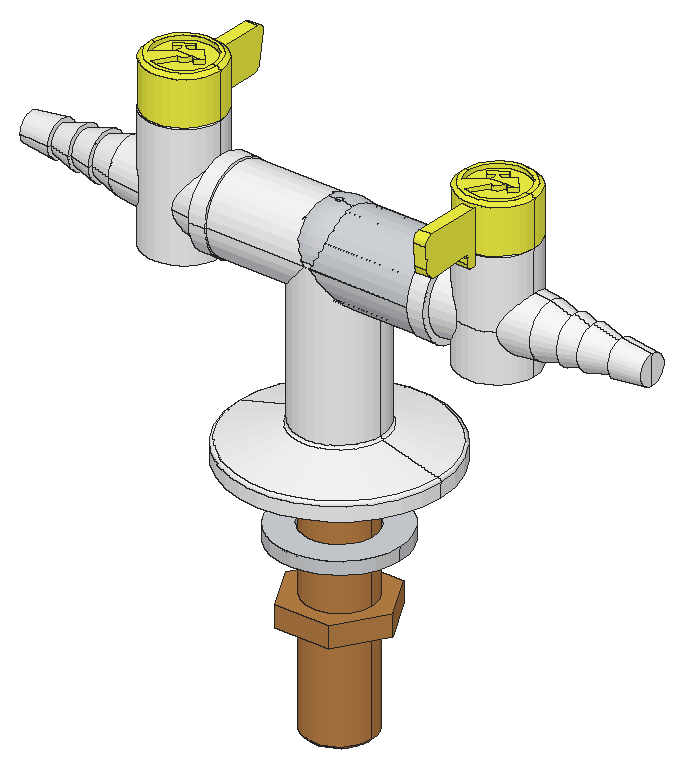
Revit family "Arboles UK - 90003NG-WA - 2 WAY BENCH MOUNTING GAS TAP", category Plumbing Fixtures, Revit 2015
Parameters (values of type "900032NG-WA")
  Width = "150mm"
  URL = "www.arboles.co.uk"
  Service = "Natural gas/ LPG"
  Pressure = "Natural gas 20 Mbar/ LPG 40 Mbar"
  O/Height = "70mm"
  Model = "900032NG-WA"
  Material = "All brass constructon"
  Manufacturer = "Arboles UK Ltd, Tel: 01204 388814"
  Description = "Two way bench mounting drop lever gas tap"
  Connection = "3/8\"BSP Flat ended shank x 60mm long"
  Colour = "Plastic coating, White (RAL 9016)"
  Approval = "BSI/British Gas certification"
Reference planes
  plane 1 "Center (Front/Back)": y = 0
  plane 2: z = 0
  plane 3 "Center (Left/Right)": x = 0
Dimensions and locks
  aligned and locked: level to plane 2
Nested families
  nested 1: "900032 base" at (0, 0, 0), type "900032 base"
  nested 2: "gas tap body front left" at (-24.759, 0, 46.496), type "gas tap body front left"
  nested 3: "Gas tap body front right" at (25, 0, 46.496), type "Gas tap body front right"
  nested 4: "Gas shank front" at (0, 0, -60), type "Gas shank front"
  nested 5: "gas washer front" at (0, 0, -17.394), type "gas washer front"
  nested 6: "gas backnut front" at (0, 0, -34.727), type "gas backnut front"
  nested 7: "Gas tap cap front" at (-38.258, 0, 56.411), type "Gas tap cap front"
  nested 8: "Gas tap cap front" at (39.07, 0, 55.286), type "Gas tap cap front"
  nested 9: "gas lever left" at (-40, 22.948, 61.054), type "gas lever left"
  nested 10: "Gas lever" at (40.375, 0, 60.238) x (0, 1, 0) z (0, 0, 1), type "Gas lever"
Definition of nested family "900032 base"
  Reference planes
    plane 1 "Center (Front/Back)": y = 0
    plane 2: z = 0
    plane 3 "Center (Left/Right)": x = 0
  Forms (mm)
    Revolve 1, solid
      sketch origin (0, 0, 0) x (1, 0, 0) y (0, 0, 1)
        loop
          line (0, 0) -> (25, 0) -> (25, 3.326)
          arc (25, 3.326) -> (24.819, 3.861) -> (24.349, 4.176) r 0.881
          line (24.349, 4.176) -> (10.766, 7.86)
          arc (10.766, 7.86) -> (10.394, 8.11) -> (10.25, 8.534) r 0.698
          line (10.25, 8.534) -> (10.25, 47.549)
          arc (10.25, 47.549) -> (7.482, 54.232) -> (0.799, 57) r 9.451
          line (0.799, 57) -> (0, 57) -> (0, 0)
        axis (0, 57) -> (0, 0)
      angle from 0 to 360
    Extrusion 2, solid
      sketch origin (0, 0, 0) x (0, 1, 0) y (0, 0, 1)
        loop
          circle (0, 46.496) r 10.2
      from 0 to 25
    Extrusion 3, solid
      sketch origin (0, 0, 0) x (0, 1, 0) y (0, 0, 1)
        loop
          circle (0, 46.496) r 10.2
      from -24.759 to 25
  Dimensions and locks
    aligned and locked: level to plane 2
Definition of nested family "gas tap body front left"
  Reference planes
    plane 1 "Center (Front/Back)": y = 0
    plane 2: z = 0
    plane 3 "Center (Left/Right)": x = 0
  Forms (mm)
    Revolve 1, solid
      sketch origin (0, 0, 0) x (1, 0, 0) y (0, 1, 0)
        loop
          line (0, 0) -> (0, 10.5) -> (-4, 10.5) -> (-4, 9) -> (-27, 6.309) -> (-32.5, 4.731) -> (-32.5, 5.665) -> (-38, 4.088) -> (-38, 5.021) -> (-43.5, 3.444) -> (-43.5, 4.378) -> (-51, 3.5) -> (-51, 0) -> (0, 0)
        axis (-51, 0) -> (0, 0)
      angle from 0 to 360
    Revolve 2, solid
      sketch origin (0, 0, 0) x (1, 0, 0) y (0, 0, 1)
        loop
          line (-13.537, 0) -> (-13.537, -12.5) -> (-4.537, -12.5) -> (-4.537, 17.5) -> (-13.537, 17.5) -> (-13.537, 0)
        axis (-13.537, 17.5) -> (-13.537, -12.5)
      angle from 0 to 360
  Dimensions and locks
    aligned and locked: level to plane 2
Definition of nested family "Gas tap body front right"
  Reference planes
    plane 1 "Center (Front/Back)": y = 0
    plane 2: z = 0
    plane 3 "Center (Left/Right)": x = 0
  Forms (mm)
    Revolve 1, solid
      sketch origin (0, 0, 0) x (1, 0, 0) y (0, 0, 1)
        loop
          line (0, 0) -> (52, 0) -> (52, 3.5) -> (44.549, 4.354) -> (44.549, 3.376) -> (37.679, 5.141) -> (37.679, 4.095) -> (33, 5.677) -> (33, 4.632) -> (27, 6.365) -> (4, 9) -> (4, 10.5) -> (0, 10.5) -> (0, 0)
        axis (0, 0) -> (52, 0)
      angle from 0 to 360
    Revolve 2, solid
      sketch origin (0, 0, 0) x (1, 0, 0) y (0, 0, 1)
        loop
          line (14, 0) -> (14, -11.667) -> (23, -11.667) -> (23, 0) -> (23, 16.5) -> (14, 16.5) -> (14, 0)
        axis (14, 16.5) -> (14, -11.667)
      angle from 0 to 360
  Lines and regions (mm)
    reference lines
      curve 1: line (0, 0, 0) -> (14, 0, 0)
  Dimensions and locks
    aligned and locked: level to plane 2
Definition of nested family "Gas shank front"
  Reference planes
    plane 1 "Center (Front/Back)": y = 0
    plane 2: z = 0
    plane 3 "Center (Left/Right)": x = 0
  Forms (mm)
    Revolve 1, solid
      sketch origin (0, 0, 0) x (1, 0, 0) y (0, 0, 1)
        loop
          line (0, 21.211) -> (6.25, 21.211) -> (6.25, 0) -> (7.187, 0) -> (8, 0.813) -> (8, 60) -> (0, 60) -> (0, 21.211)
        axis (0, 60) -> (0, 0)
      angle from 0 to 360
  Dimensions and locks
    aligned and locked: level to plane 2
Definition of nested family "gas washer front"
  Reference planes
    plane 1 "Center (Front/Back)": y = 0
    plane 2: z = 0
    plane 3 "Center (Left/Right)": x = 0
  Forms (mm)
    Extrusion 1, solid
      sketch origin (0, 0, 0) x (1, 0, 0) y (0, 1, 0)
        loop
          circle (0, 0) r 15
      from 0 to 3
    Extrusion 2, void
      sketch origin (0, 0, 0) x (1, 0, 0) y (0, 1, 0)
        loop
          circle (0, 0) r 8.5
      from 0 to 3
  Cuts and joins
    Extrusion 2 cuts Extrusion 1
  Dimensions and locks
    aligned and locked: level to plane 2
Definition of nested family "gas backnut front"
  Reference planes
    plane 1 "Center (Front/Back)": y = 0
    plane 2: z = 0
    plane 3 "Center (Left/Right)": x = 0
  Forms (mm)
    Extrusion 1, solid
      sketch origin (0, 0, 0) x (1, 0, 0) y (0, 1, 0)
        loop
          line (6.64, -11.5) -> (13.279, 0) -> (6.64, 11.5) -> (-6.64, 11.5) -> (-13.279, 0) -> (-6.64, -11.5) -> (6.64, -11.5)
      from 0 to 5
    Extrusion 2, void
      sketch origin (0, 0, 0) x (1, 0, 0) y (0, 1, 0)
        loop
          circle (0, 0) r 8.047
      from 0 to 5
  Cuts and joins
    Extrusion 2 cuts Extrusion 1
  Dimensions and locks
    aligned and locked: level to plane 2
Definition of nested family "Gas tap cap front"
  Reference planes
    plane 1 "Center (Front/Back)": y = 0
    plane 2: z = 0
    plane 3 "Center (Left/Right)": x = 0
  Forms (mm)
    Revolve 1, solid
      sketch origin (0, 0, 0) x (1, 0, 0) y (0, 0, 1)
        loop
          line (0, 0) -> (7.25, 0) -> (7.25, 8) -> (9, 8) -> (9, 18.674) -> (8.016, 19.5) -> (0, 19.5) -> (0, 0)
        axis (0, 19.5) -> (0, 0)
      angle from 0 to 360
    Extrusion 2, void
      sketch origin (0, 0, 19.5) x (0, 1, 0) y (1, 0, 0)
        loop
          arc (-1.795, -0.355) -> (-1.414, 1.162) -> (0, 1.83) r 1.83
          line (0, 1.83) -> (-0.817, 3.138) -> (0.461, 4.661) -> (3.334, 2.251) -> (1.682, 0.283)
          arc (1.682, 0.283) -> (1.681, -0.285) -> (1.494, -0.822) r 1.705
          line (1.494, -0.822) -> (2.267, -1.47) -> (3.591, 0) -> (4.4, -0.525) -> (3.175, -2.646) -> (1.671, -4.15) -> (0.887, -3.492) -> (1.88, -1.962) -> (1.11, -1.316)
          arc (1.11, -1.316) -> (0.591, -1.617) -> (0, -1.721) r 1.721
          line (0, -1.721) -> (-3.6, -6.012)
          arc (-3.6, -6.012) -> (4.889, -5.019) -> (6.104, 3.441) r 7.007
          arc (6.104, 3.441) -> (3.322, 6.169) -> (-0.487, 6.99) r 7.007
          arc (-0.487, 6.99) -> (-6.088, 3.469) -> (-6.261, -3.145) r 7.007
          line (-6.261, -3.145) -> (-1.795, -0.355)
      from 0 to 1
  Cuts and joins
    Extrusion 2 cuts Revolve 1
  Dimensions and locks
    aligned and locked: level to plane 2
Definition of nested family "gas lever left"
  Reference planes
    plane 1 "Center (Front/Back)": y = 0
    plane 2: z = 0
    plane 3 "Center (Left/Right)": x = 0
  Forms (mm)
    Extrusion 1, solid
      sketch origin (0, 0, 0) x (0, 1, 0) y (0, 0, 1)
        loop
          line (-13.034, 0) -> (-13.034, 0.99)
          arc (-13.034, 0.99) -> (-12.738, 1.704) -> (-12.024, 2) r 1.01
          line (-12.024, 2) -> (-3.026, 2)
          arc (-3.026, 2) -> (-2.059, 2.352) -> (-1.544, 3.244) r 1.505
          line (-1.544, 3.244) -> (-0.302, 10.29)
          arc (-0.302, 10.29) -> (-0.62, 11.479) -> (-1.737, 12) r 1.457
          line (-1.737, 12) -> (-23, 12) -> (-23, 0) -> (-13.034, 0)
      from 0 to 3
  Dimensions and locks
    aligned and locked: level to plane 2
Definition of nested family "Gas lever"
  Reference planes
    plane 1 "Center (Front/Back)": y = 0
    plane 2: z = 0
    plane 3 "Center (Left/Right)": x = 0
  Forms (mm)
    Extrusion 1, solid
      sketch origin (0, 0, 0) x (1, 0, 0) y (0, 0, 1)
        loop
          line (0, 0) -> (0, 11.919)
          arc (0, 11.919) -> (-0.306, 12.658) -> (-1.045, 12.964) r 1.045
          line (-1.045, 12.964) -> (-21.932, 12.964)
          arc (-21.932, 12.964) -> (-23.362, 12.346) -> (-23.892, 10.882) r 1.964
          line (-23.892, 10.882) -> (-23.569, 5.544)
          arc (-23.569, 5.544) -> (-22.714, 3.791) -> (-20.871, 3.155) r 2.548
          line (-20.871, 3.155) -> (-12.007, 3.693)
          arc (-12.007, 3.693) -> (-11.323, 3.445) -> (-11.034, 2.777) r 0.917
          line (-11.034, 2.777) -> (-11.034, 1.463)
          arc (-11.034, 1.463) -> (-10.606, 0.428) -> (-9.571, 0) r 1.463
          line (-9.571, 0) -> (0, 0)
      from 0 to 3
  Dimensions and locks
    aligned and locked: level to plane 2
